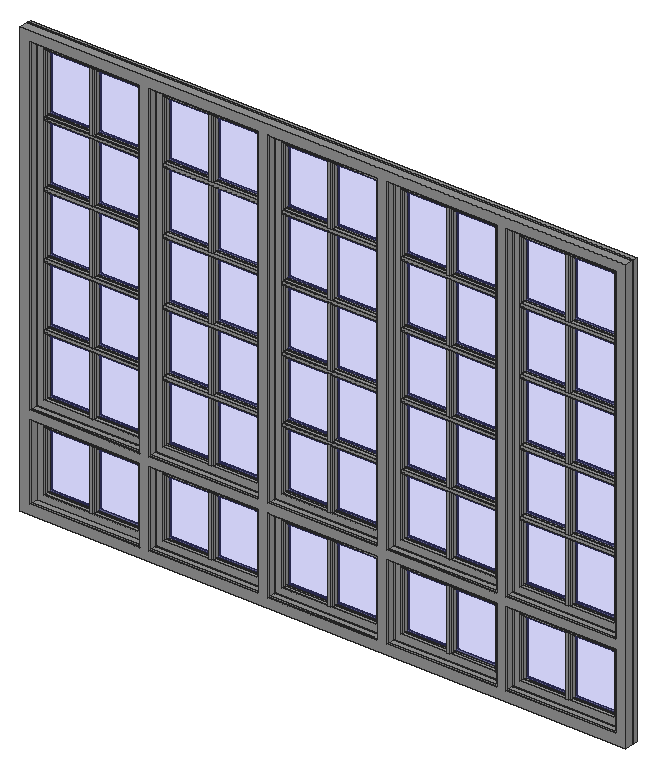
Revit family "MA5SPS", category Windows, host Wall, Revit 2015
Parameters (values of type "MA5SPS")
  Sash Width = 542 mm
  Sash Height = 1461 mm
  Height = 1814 mm
  Default Lintel Height = 2100 mm
  Wall Closure = By host
  Width = 2534 mm
Reference planes
  plane 1 "Center (Front/Back)": y = 0
  plane 2 "Center (Left/Right)": x = 0
  plane 3 "Left": x = -1267
  plane 4 "Right": x = 1267
  plane 5 "Sill": z = 286
  plane 6 "Head": z = 2100
  plane 7 "Exterior": y = 100
  plane 8 "Interior": y = -100
  plane 9: y = -28.5
  plane 10: y = 23.5
  plane 11: z = 639
  plane 12: x = 725
  plane 13: x = -725
Forms (mm)
  Sweep 1, solid, material "Lauan, Meranti"
    path origin (-10500, 23.5, 2100) x (0, 0, -1) y (-1, 0, 0)
      loop
        line (0, -11767) -> (1814, -11767) -> (1814, -9233) -> (0, -9233) -> (0, -11767)
    profile origin (0, 23.5, 2100) x (0, 0, 1) y (0, 1, 0)
      loop
        line (0, 5) -> (-29, 5) -> (-29, -20) -> (-37.5, -20) -> (-37.5, -26) -> (-40.5, -26) -> (-40.5, -20) -> (-44, -20) -> (-44, -46) -> (-39, -46) -> (-39, -52) -> (0, -52) -> (0, -18) -> (-10, -18) -> (-10, -10) -> (0, -10) -> (0, 5)
  Extrusion 2, solid, material "Lauan, Meranti"
    sketch origin (180.441, 0, 0) x (0, -1, 0) y (0, 0, 1)
      loop
        line (28.5, 644) -> (28.5, 678) -> (22.5, 678) -> (22.5, 683) -> (-3.5, 683) -> (-3.5, 679.5) -> (2.5, 679.5) -> (2.5, 676.5) -> (-3.5, 676.5) -> (-3.5, 668) -> (-28.5, 668) -> (-28.5, 654) -> (-3.5, 654) -> (-3.5, 645.5) -> (2.5, 645.5) -> (2.5, 642.5) -> (-3.5, 642.5) -> (-3.5, 639) -> (22.5, 639) -> (22.5, 644) -> (28.5, 644)
    from -1057.559 to 1418.441
  Extrusion 3, solid, material "Lauan, Meranti"
    sketch origin (-498, 0, 571.559) x (1, 0, 0) y (0, 1, 0)
      loop
        line (-232, -28.5) -> (-232, -22.5) -> (-227, -22.5) -> (-227, 3.5) -> (-230.5, 3.5) -> (-230.5, -2.5) -> (-233.5, -2.5) -> (-233.5, 3.5) -> (-242, 3.5) -> (-242, 28.5) -> (-256, 28.5) -> (-256, 3.5) -> (-264.5, 3.5) -> (-264.5, -2.5) -> (-267.5, -2.5) -> (-267.5, 3.5) -> (-271, 3.5) -> (-271, -22.5) -> (-266, -22.5) -> (-266, -28.5) -> (-232, -28.5)
    from 96.441 to 1499.441
  Extrusion 4, solid, material "Lauan, Meranti"
    sketch origin (0, 0, 26.559) x (1, 0, 0) y (0, 1, 0)
      loop
        line (764, -28.5) -> (764, -22.5) -> (769, -22.5) -> (769, 3.5) -> (765.5, 3.5) -> (765.5, -2.5) -> (762.5, -2.5) -> (762.5, 3.5) -> (754, 3.5) -> (754, 28.5) -> (740, 28.5) -> (740, 3.5) -> (731.5, 3.5) -> (731.5, -2.5) -> (728.5, -2.5) -> (728.5, 3.5) -> (725, 3.5) -> (725, -22.5) -> (730, -22.5) -> (730, -28.5) -> (764, -28.5)
    from 288.441 to 627.441
  Extrusion 5, solid, material "Lauan, Meranti"
    sketch origin (0, 0, 571.559) x (1, 0, 0) y (0, 1, 0)
      loop
        line (764, -28.5) -> (764, -22.5) -> (769, -22.5) -> (769, 3.5) -> (765.5, 3.5) -> (765.5, -2.5) -> (762.5, -2.5) -> (762.5, 3.5) -> (754, 3.5) -> (754, 28.5) -> (740, 28.5) -> (740, 3.5) -> (731.5, 3.5) -> (731.5, -2.5) -> (728.5, -2.5) -> (728.5, 3.5) -> (725, 3.5) -> (725, -22.5) -> (730, -22.5) -> (730, -28.5) -> (764, -28.5)
    from 96.441 to 1499.441
  Extrusion 6, solid, material "Lauan, Meranti"
    sketch origin (-498, 0, 26.559) x (1, 0, 0) y (0, 1, 0)
      loop
        line (-232, -28.5) -> (-232, -22.5) -> (-227, -22.5) -> (-227, 3.5) -> (-230.5, 3.5) -> (-230.5, -2.5) -> (-233.5, -2.5) -> (-233.5, 3.5) -> (-242, 3.5) -> (-242, 28.5) -> (-256, 28.5) -> (-256, 3.5) -> (-264.5, 3.5) -> (-264.5, -2.5) -> (-267.5, -2.5) -> (-267.5, 3.5) -> (-271, 3.5) -> (-271, -22.5) -> (-266, -22.5) -> (-266, -28.5) -> (-232, -28.5)
    from 288.441 to 627.441
  Sweep 7, solid, material "Rubber"
    path origin (10002, 23.5, 2100) x (0, 0, -1) y (-1, 0, 0)
      loop
        line (37.5, 11231.5) -> (37.5, 10764.5) -> (1423.5, 10764.5) -> (1423.5, 11231.5) -> (37.5, 11231.5)
    profile origin (-996, 23.5, 2062.5) x (0, 0, -1) y (0, 1, 0)
      loop
        line (6.5, -17) -> (1.5, -15) -> (-3.5, -17) -> (-3.5, -20) -> (0.5, -20) -> (0.5, -22.43) -> (-0.5, -22.43) -> (0.5, -22.698) -> (0.5, -24.464) -> (-0.5, -24.464) -> (1.5, -25) -> (3.5, -24.464) -> (2.5, -24.464) -> (2.5, -22.698) -> (3.5, -22.43) -> (2.5, -22.43) -> (2.5, -20) -> (6.5, -20) -> (6.5, -17)
  Extrusion 8, solid, material "Lauan, Meranti"
    sketch origin (-498, 0, 26.559) x (1, 0, 0) y (0, 1, 0)
      loop
        line (764, -28.5) -> (764, -22.5) -> (769, -22.5) -> (769, 3.5) -> (765.5, 3.5) -> (765.5, -2.5) -> (762.5, -2.5) -> (762.5, 3.5) -> (754, 3.5) -> (754, 28.5) -> (740, 28.5) -> (740, 3.5) -> (731.5, 3.5) -> (731.5, -2.5) -> (728.5, -2.5) -> (728.5, 3.5) -> (725, 3.5) -> (725, -22.5) -> (730, -22.5) -> (730, -28.5) -> (764, -28.5)
    from 288.441 to 627.441
  Extrusion 9, solid, material "Lauan, Meranti"
    sketch origin (-498, 0, 571.559) x (1, 0, 0) y (0, 1, 0)
      loop
        line (764, -28.5) -> (764, -22.5) -> (769, -22.5) -> (769, 3.5) -> (765.5, 3.5) -> (765.5, -2.5) -> (762.5, -2.5) -> (762.5, 3.5) -> (754, 3.5) -> (754, 28.5) -> (740, 28.5) -> (740, 3.5) -> (731.5, 3.5) -> (731.5, -2.5) -> (728.5, -2.5) -> (728.5, 3.5) -> (725, 3.5) -> (725, -22.5) -> (730, -22.5) -> (730, -28.5) -> (764, -28.5)
    from 96.441 to 1499.441
  Extrusion 10, solid, material "Lauan, Meranti"
    sketch origin (-996, 0, 26.559) x (1, 0, 0) y (0, 1, 0)
      loop
        line (764, -28.5) -> (764, -22.5) -> (769, -22.5) -> (769, 3.5) -> (765.5, 3.5) -> (765.5, -2.5) -> (762.5, -2.5) -> (762.5, 3.5) -> (754, 3.5) -> (754, 28.5) -> (740, 28.5) -> (740, 3.5) -> (731.5, 3.5) -> (731.5, -2.5) -> (728.5, -2.5) -> (728.5, 3.5) -> (725, 3.5) -> (725, -22.5) -> (730, -22.5) -> (730, -28.5) -> (764, -28.5)
    from 288.441 to 627.441
  Extrusion 11, solid, material "Lauan, Meranti"
    sketch origin (-996, 0, 571.559) x (1, 0, 0) y (0, 1, 0)
      loop
        line (764, -28.5) -> (764, -22.5) -> (769, -22.5) -> (769, 3.5) -> (765.5, 3.5) -> (765.5, -2.5) -> (762.5, -2.5) -> (762.5, 3.5) -> (754, 3.5) -> (754, 28.5) -> (740, 28.5) -> (740, 3.5) -> (731.5, 3.5) -> (731.5, -2.5) -> (728.5, -2.5) -> (728.5, 3.5) -> (725, 3.5) -> (725, -22.5) -> (730, -22.5) -> (730, -28.5) -> (764, -28.5)
    from 96.441 to 1499.441
  Sweep 12, solid, material "Rubber"
    path origin (-10500, 23.5, 2100) x (0, 0, -1) y (-1, 0, 0)
      loop
        line (29, -11240) -> (1432, -11240) -> (1432, -10756) -> (29, -10756) -> (29, -11240)
    profile origin (498, 23.5, 2071) x (0, 0, 1) y (0, 1, 0)
      loop
        line (-5, -17) -> (-10, -15) -> (-15, -17) -> (-15, -20) -> (-11, -20) -> (-11, -22.43) -> (-12, -22.43) -> (-11, -22.698) -> (-11, -24.464) -> (-12, -24.464) -> (-10, -25) -> (-8, -24.464) -> (-9, -24.464) -> (-9, -22.698) -> (-8, -22.43) -> (-9, -22.43) -> (-9, -20) -> (-5, -20) -> (-5, -17)
  Sweep 13, solid, material "Rubber"
    path origin (-10998, 23.5, 2100) x (0, 0, -1) y (-1, 0, 0)
      loop
        line (29, -11240) -> (1432, -11240) -> (1432, -10756) -> (29, -10756) -> (29, -11240)
    profile origin (0, 23.5, 2071) x (0, 0, 1) y (0, 1, 0)
      loop
        line (-5, -17) -> (-10, -15) -> (-15, -17) -> (-15, -20) -> (-11, -20) -> (-11, -22.43) -> (-12, -22.43) -> (-11, -22.698) -> (-11, -24.464) -> (-12, -24.464) -> (-10, -25) -> (-8, -24.464) -> (-9, -24.464) -> (-9, -22.698) -> (-8, -22.43) -> (-9, -22.43) -> (-9, -20) -> (-5, -20) -> (-5, -17)
  Sweep 14, solid, material "Rubber"
    path origin (-11496, 23.5, 2100) x (0, 0, -1) y (-1, 0, 0)
      loop
        line (29, -11240) -> (1432, -11240) -> (1432, -10756) -> (29, -10756) -> (29, -11240)
    profile origin (-498, 23.5, 2071) x (0, 0, 1) y (0, 1, 0)
      loop
        line (-5, -17) -> (-10, -15) -> (-15, -17) -> (-15, -20) -> (-11, -20) -> (-11, -22.43) -> (-12, -22.43) -> (-11, -22.698) -> (-11, -24.464) -> (-12, -24.464) -> (-10, -25) -> (-8, -24.464) -> (-9, -24.464) -> (-9, -22.698) -> (-8, -22.43) -> (-9, -22.43) -> (-9, -20) -> (-5, -20) -> (-5, -17)
  Sweep 15, solid, material "Rubber"
    path origin (-10998, 23.5, 2100) x (0, 0, -1) y (-1, 0, 0)
      loop
        line (1446, -11738) -> (1785, -11738) -> (1785, -11254) -> (1446, -11254) -> (1446, -11738)
    profile origin (498, 23.5, 654) x (0, 0, 1) y (0, 1, 0)
      loop
        line (-5, -17) -> (-10, -15) -> (-15, -17) -> (-15, -20) -> (-11, -20) -> (-11, -22.43) -> (-12, -22.43) -> (-11, -22.698) -> (-11, -24.464) -> (-12, -24.464) -> (-10, -25) -> (-8, -24.464) -> (-9, -24.464) -> (-9, -22.698) -> (-8, -22.43) -> (-9, -22.43) -> (-9, -20) -> (-5, -20) -> (-5, -17)
  Sweep 16, solid, material "Rubber"
    path origin (-11496, 23.5, 2100) x (0, 0, -1) y (-1, 0, 0)
      loop
        line (1446, -11738) -> (1785, -11738) -> (1785, -11254) -> (1446, -11254) -> (1446, -11738)
    profile origin (0, 23.5, 654) x (0, 0, 1) y (0, 1, 0)
      loop
        line (-5, -17) -> (-10, -15) -> (-15, -17) -> (-15, -20) -> (-11, -20) -> (-11, -22.43) -> (-12, -22.43) -> (-11, -22.698) -> (-11, -24.464) -> (-12, -24.464) -> (-10, -25) -> (-8, -24.464) -> (-9, -24.464) -> (-9, -22.698) -> (-8, -22.43) -> (-9, -22.43) -> (-9, -20) -> (-5, -20) -> (-5, -17)
  Sweep 17, solid, material "Rubber"
    path origin (-11994, 23.5, 2100) x (0, 0, -1) y (-1, 0, 0)
      loop
        line (1446, -11738) -> (1785, -11738) -> (1785, -11254) -> (1446, -11254) -> (1446, -11738)
    profile origin (-498, 23.5, 654) x (0, 0, 1) y (0, 1, 0)
      loop
        line (-5, -17) -> (-10, -15) -> (-15, -17) -> (-15, -20) -> (-11, -20) -> (-11, -22.43) -> (-12, -22.43) -> (-11, -22.698) -> (-11, -24.464) -> (-12, -24.464) -> (-10, -25) -> (-8, -24.464) -> (-9, -24.464) -> (-9, -22.698) -> (-8, -22.43) -> (-9, -22.43) -> (-9, -20) -> (-5, -20) -> (-5, -17)
  Sweep 18, solid, material "Rubber"
    path origin (-10500, 23.5, 2100) x (0, 0, -1) y (-1, 0, 0)
      loop
        line (1446, -11738) -> (1785, -11738) -> (1785, -11254) -> (1446, -11254) -> (1446, -11738)
    profile origin (996, 23.5, 654) x (0, 0, 1) y (0, 1, 0)
      loop
        line (-5, -17) -> (-10, -15) -> (-15, -17) -> (-15, -20) -> (-11, -20) -> (-11, -22.43) -> (-12, -22.43) -> (-11, -22.698) -> (-11, -24.464) -> (-12, -24.464) -> (-10, -25) -> (-8, -24.464) -> (-9, -24.464) -> (-9, -22.698) -> (-8, -22.43) -> (-9, -22.43) -> (-9, -20) -> (-5, -20) -> (-5, -17)
  Sweep 19, solid, material "Rubber"
    path origin (-10002, 23.5, 2100) x (0, 0, -1) y (-1, 0, 0)
      loop
        line (29, -11240) -> (1432, -11240) -> (1432, -10756) -> (29, -10756) -> (29, -11240)
    profile origin (996, 23.5, 2071) x (0, 0, 1) y (0, 1, 0)
      loop
        line (-5, -17) -> (-10, -15) -> (-15, -17) -> (-15, -20) -> (-11, -20) -> (-11, -22.43) -> (-12, -22.43) -> (-11, -22.698) -> (-11, -24.464) -> (-12, -24.464) -> (-10, -25) -> (-8, -24.464) -> (-9, -24.464) -> (-9, -22.698) -> (-8, -22.43) -> (-9, -22.43) -> (-9, -20) -> (-5, -20) -> (-5, -17)
  Sweep 20, solid, material "Lauan, Meranti"
    path origin (11496, 23.5, 2100) x (0, 0, -1) y (-1, 0, 0)
      loop
        line (29, 10742) -> (29, 10258) -> (1432, 10258) -> (1432, 10742) -> (29, 10742)
    profile origin (996, 23.5, 2071) x (0, 0, -1) y (0, 1, 0)
      loop
        line (12, -2) -> (14, -2.536) -> (14, -7.464) -> (12, -8) -> (12, -13) -> (10, -13) -> (10, -17) -> (43, -17) -> (43, -14)
        arc (43, -14) -> (47.243, -12.243) -> (49, -8) r 6
        line (49, -8) -> (52, -8) -> (52, 0) -> (43, 0) -> (43, 25) -> (1, 25)
        arc (1, 25) -> (-3.243, 23.243) -> (-5, 19) r 6
        line (-5, 19) -> (-5, 5) -> (12, 5) -> (12, -2)
  Sweep 21, solid, material "Lauan, Meranti"
    path origin (11496, 23.5, 2100) x (0, 0, -1) y (-1, 0, 0)
      loop
        line (1446, 10742) -> (1446, 10258) -> (1785, 10258) -> (1785, 10742) -> (1446, 10742)
    profile origin (996, 23.5, 654) x (0, 0, -1) y (0, 1, 0)
      loop
        line (-5, 5) -> (12, 5) -> (12, -2) -> (14, -2.536) -> (14, -7.464) -> (12, -8) -> (12, -13) -> (10, -13) -> (10, -17) -> (43, -17) -> (43, -14)
        arc (43, -14) -> (47.243, -12.243) -> (49, -8) r 6
        line (49, -8) -> (52, -8) -> (52, 0) -> (43, 0) -> (43, 25) -> (1, 25)
        arc (1, 25) -> (-3.243, 23.243) -> (-5, 19) r 6
        line (-5, 19) -> (-5, 5)
  Extrusion 22, solid, material "Lauan, Meranti"
    sketch origin (725.066, 0, -15.827) x (0, -1, 0) y (0, 0, 1)
      loop
        line (-48.5, 1777.838) -> (-23.5, 1777.838) -> (-23.5, 1768.838) -> (-15.5, 1768.838) -> (-15.5, 1771.838)
        arc (-15.5, 1771.838) -> (-11.257, 1773.596) -> (-9.5, 1777.838) r 6
        line (-9.5, 1777.838) -> (-6.5, 1777.838) -> (-6.5, 1790.838) -> (-9.5, 1790.838)
        arc (-9.5, 1790.838) -> (-11.257, 1795.081) -> (-15.5, 1796.838) r 6
        line (-15.5, 1796.838) -> (-15.5, 1799.838) -> (-23.5, 1799.838) -> (-23.5, 1790.838) -> (-48.5, 1790.838) -> (-48.5, 1777.838)
      loop
        line (-48.5, 1511.838) -> (-23.5, 1511.838) -> (-23.5, 1502.838) -> (-15.5, 1502.838) -> (-15.5, 1505.838)
        arc (-15.5, 1505.838) -> (-11.257, 1507.596) -> (-9.5, 1511.838) r 6
        line (-9.5, 1511.838) -> (-6.5, 1511.838) -> (-6.5, 1524.838) -> (-9.5, 1524.838)
        arc (-9.5, 1524.838) -> (-11.257, 1529.081) -> (-15.5, 1530.838) r 6
        line (-15.5, 1530.838) -> (-15.5, 1533.838) -> (-23.5, 1533.838) -> (-23.5, 1524.838) -> (-48.5, 1524.838) -> (-48.5, 1511.838)
      loop
        line (-48.5, 1245.838) -> (-23.5, 1245.838) -> (-23.5, 1236.838) -> (-15.5, 1236.838) -> (-15.5, 1239.838)
        arc (-15.5, 1239.838) -> (-11.257, 1241.596) -> (-9.5, 1245.838) r 6
        line (-9.5, 1245.838) -> (-6.5, 1245.838) -> (-6.5, 1258.838) -> (-9.5, 1258.838)
        arc (-9.5, 1258.838) -> (-11.257, 1263.081) -> (-15.5, 1264.838) r 6
        line (-15.5, 1264.838) -> (-15.5, 1267.838) -> (-23.5, 1267.838) -> (-23.5, 1258.838) -> (-48.5, 1258.838) -> (-48.5, 1245.838)
      loop
        line (-48.5, 979.838) -> (-23.5, 979.838) -> (-23.5, 970.838) -> (-15.5, 970.838) -> (-15.5, 973.838)
        arc (-15.5, 973.838) -> (-11.257, 975.596) -> (-9.5, 979.838) r 6
        line (-9.5, 979.838) -> (-6.5, 979.838) -> (-6.5, 992.838) -> (-9.5, 992.838)
        arc (-9.5, 992.838) -> (-11.257, 997.081) -> (-15.5, 998.838) r 6
        line (-15.5, 998.838) -> (-15.5, 1001.838) -> (-23.5, 1001.838) -> (-23.5, 992.838) -> (-48.5, 992.838) -> (-48.5, 979.838)
    from -469.934 to -71.934
  Extrusion 23, solid, material "Lauan, Meranti"
    sketch origin (995.689, 25, 184.173) x (1, 0, 0) y (0, 1, 0)
      loop
        line (-6.5, 23.5) -> (-6.5, -1.5) -> (-15.5, -1.5) -> (-15.5, -9.5) -> (-12.5, -9.5)
        arc (-12.5, -9.5) -> (-10.743, -13.743) -> (-6.5, -15.5) r 6
        line (-6.5, -15.5) -> (-6.5, -18.5) -> (6.5, -18.5) -> (6.5, -15.5)
        arc (6.5, -15.5) -> (10.743, -13.743) -> (12.5, -9.5) r 6
        line (12.5, -9.5) -> (15.5, -9.5) -> (15.5, -1.5) -> (6.5, -1.5) -> (6.5, 23.5) -> (-6.5, 23.5)
    from 1590.839 to 1843.827
  Extrusion 24, solid, material "Lauan, Meranti"
    sketch origin (995.689, 25, -81.828) x (1, 0, 0) y (0, 1, 0)
      loop
        line (-6.5, 23.5) -> (-6.5, -1.5) -> (-15.5, -1.5) -> (-15.5, -9.5) -> (-12.5, -9.5)
        arc (-12.5, -9.5) -> (-10.743, -13.743) -> (-6.5, -15.5) r 6
        line (-6.5, -15.5) -> (-6.5, -18.5) -> (6.5, -18.5) -> (6.5, -15.5)
        arc (6.5, -15.5) -> (10.743, -13.743) -> (12.5, -9.5) r 6
        line (12.5, -9.5) -> (15.5, -9.5) -> (15.5, -1.5) -> (6.5, -1.5) -> (6.5, 23.5) -> (-6.5, 23.5)
    from 1590.839 to 1843.839
  Extrusion 25, solid, material "Lauan, Meranti"
    sketch origin (995.689, 25, -347.828) x (1, 0, 0) y (0, 1, 0)
      loop
        line (-6.5, 23.5) -> (-6.5, -1.5) -> (-15.5, -1.5) -> (-15.5, -9.5) -> (-12.5, -9.5)
        arc (-12.5, -9.5) -> (-10.743, -13.743) -> (-6.5, -15.5) r 6
        line (-6.5, -15.5) -> (-6.5, -18.5) -> (6.5, -18.5) -> (6.5, -15.5)
        arc (6.5, -15.5) -> (10.743, -13.743) -> (12.5, -9.5) r 6
        line (12.5, -9.5) -> (15.5, -9.5) -> (15.5, -1.5) -> (6.5, -1.5) -> (6.5, 23.5) -> (-6.5, 23.5)
    from 1590.839 to 1843.839
  Extrusion 26, solid, material "Lauan, Meranti"
    sketch origin (995.689, 25, -613.828) x (1, 0, 0) y (0, 1, 0)
      loop
        line (-6.5, 23.5) -> (-6.5, -1.5) -> (-15.5, -1.5) -> (-15.5, -9.5) -> (-12.5, -9.5)
        arc (-12.5, -9.5) -> (-10.743, -13.743) -> (-6.5, -15.5) r 6
        line (-6.5, -15.5) -> (-6.5, -18.5) -> (6.5, -18.5) -> (6.5, -15.5)
        arc (6.5, -15.5) -> (10.743, -13.743) -> (12.5, -9.5) r 6
        line (12.5, -9.5) -> (15.5, -9.5) -> (15.5, -1.5) -> (6.5, -1.5) -> (6.5, 23.5) -> (-6.5, 23.5)
    from 1590.839 to 1843.839
  Extrusion 27, solid, material "Lauan, Meranti"
    sketch origin (995.689, 25, -879.828) x (1, 0, 0) y (0, 1, 0)
      loop
        line (-6.5, 23.5) -> (-6.5, -1.5) -> (-15.5, -1.5) -> (-15.5, -9.5) -> (-12.5, -9.5)
        arc (-12.5, -9.5) -> (-10.743, -13.743) -> (-6.5, -15.5) r 6
        line (-6.5, -15.5) -> (-6.5, -18.5) -> (6.5, -18.5) -> (6.5, -15.5)
        arc (6.5, -15.5) -> (10.743, -13.743) -> (12.5, -9.5) r 6
        line (12.5, -9.5) -> (15.5, -9.5) -> (15.5, -1.5) -> (6.5, -1.5) -> (6.5, 23.5) -> (-6.5, 23.5)
    from 1590.828 to 1843.839
  Extrusion 28, solid, material "Lauan, Meranti"
    sketch origin (995.689, 25, -1232.828) x (1, 0, 0) y (0, 1, 0)
      loop
        line (-6.5, 23.5) -> (-6.5, -1.5) -> (-15.5, -1.5) -> (-15.5, -9.5) -> (-12.5, -9.5)
        arc (-12.5, -9.5) -> (-10.743, -13.743) -> (-6.5, -15.5) r 6
        line (-6.5, -15.5) -> (-6.5, -18.5) -> (6.5, -18.5) -> (6.5, -15.5)
        arc (6.5, -15.5) -> (10.743, -13.743) -> (12.5, -9.5) r 6
        line (12.5, -9.5) -> (15.5, -9.5) -> (15.5, -1.5) -> (6.5, -1.5) -> (6.5, 23.5) -> (-6.5, 23.5)
    from 1590.828 to 1843.828
  Extrusion 29, solid, material "Glass"
    sketch origin (11496, 23.5, 2100) x (0, 0, -1) y (-1, 0, 0)
      loop
        line (72, 10699) -> (72, 10506.811) -> (324.988, 10506.811) -> (324.988, 10699) -> (72, 10699)
      loop
        line (72, 10493.811) -> (72, 10301) -> (324.988, 10301) -> (324.988, 10493.811) -> (72, 10493.811)
      loop
        line (337.988, 10699) -> (337.988, 10506.811) -> (590.988, 10506.811) -> (590.988, 10699) -> (337.988, 10699)
      loop
        line (337.988, 10493.811) -> (337.988, 10301) -> (590.988, 10301) -> (590.988, 10493.811) -> (337.988, 10493.811)
      loop
        line (603.988, 10699) -> (603.988, 10506.811) -> (856.988, 10506.811) -> (856.988, 10699) -> (603.988, 10699)
      loop
        line (603.988, 10493.811) -> (603.988, 10301) -> (856.988, 10301) -> (856.988, 10493.811) -> (603.988, 10493.811)
      loop
        line (869.988, 10699) -> (869.988, 10506.811) -> (1122.988, 10506.811) -> (1122.988, 10699) -> (869.988, 10699)
      loop
        line (869.988, 10493.811) -> (869.988, 10301) -> (1122.988, 10301) -> (1122.988, 10493.811) -> (869.988, 10493.811)
      loop
        line (1135.988, 10699) -> (1135.988, 10506.811) -> (1389, 10506.811) -> (1389, 10699) -> (1135.988, 10699)
      loop
        line (1135.988, 10493.811) -> (1135.988, 10301) -> (1389, 10301) -> (1389, 10493.811) -> (1135.988, 10493.811)
      loop
        line (1489.013, 10698.988) -> (1489.013, 10506.811) -> (1742, 10506.811) -> (1742, 10698.988) -> (1489.013, 10698.988)
      loop
        line (1489, 10493.811) -> (1489, 10301) -> (1742, 10301) -> (1742, 10493.811) -> (1489, 10493.811)
    from 0 to 6.4
  Sweep 30, solid, material "Lauan, Meranti"
    path origin (11496, 23.5, 2100) x (0, 0, -1) y (-1, 0, 0)
      loop
        line (72, 10699) -> (72, 10506.811) -> (324.988, 10506.811) -> (324.988, 10699) -> (72, 10699)
    profile origin (893.094, 23.5, 2028) x (0, 0, -1) y (0, 1, 0)
      loop
        line (0, 14.4) -> (0, 6.4) -> (9, 6.4) -> (9, 8.4) -> (7, 8.4)
        arc (7, 8.4) -> (4.67, 12.766) -> (0, 14.4) r 6.807
  Sweep 31, solid, material "Lauan, Meranti"
    path origin (11701.189, 23.5, 2100) x (0, 0, -1) y (-1, 0, 0)
      loop
        line (72, 10699) -> (72, 10506.189) -> (324.988, 10506.189) -> (324.988, 10699) -> (72, 10699)
    profile origin (1098.594, 23.5, 2028) x (0, 0, -1) y (0, 1, 0)
      loop
        line (0, 14.4) -> (0, 6.4) -> (9, 6.4) -> (9, 8.4) -> (7, 8.4)
        arc (7, 8.4) -> (4.67, 12.766) -> (0, 14.4) r 6.807
  Sweep 32, solid, material "Lauan, Meranti"
    path origin (11496, 23.5, 1834.012) x (0, 0, -1) y (-1, 0, 0)
      loop
        line (72, 10699) -> (72, 10506.811) -> (325, 10506.811) -> (325, 10699) -> (72, 10699)
    profile origin (893.094, 23.5, 1762.012) x (0, 0, -1) y (0, 1, 0)
      loop
        line (0, 14.4) -> (0, 6.4) -> (9, 6.4) -> (9, 8.4) -> (7, 8.4)
        arc (7, 8.4) -> (4.67, 12.766) -> (0, 14.4) r 6.807
  Sweep 33, solid, material "Lauan, Meranti"
    path origin (11496, 23.5, 1568.012) x (0, 0, -1) y (-1, 0, 0)
      loop
        line (72, 10699) -> (72, 10506.811) -> (325, 10506.811) -> (325, 10699) -> (72, 10699)
    profile origin (893.094, 23.5, 1496.012) x (0, 0, -1) y (0, 1, 0)
      loop
        line (0, 14.4) -> (0, 6.4) -> (9, 6.4) -> (9, 8.4) -> (7, 8.4)
        arc (7, 8.4) -> (4.67, 12.766) -> (0, 14.4) r 6.807
  Sweep 34, solid, material "Lauan, Meranti"
    path origin (11496, 23.5, 1302.012) x (0, 0, -1) y (-1, 0, 0)
      loop
        line (72, 10699) -> (72, 10506.811) -> (325, 10506.811) -> (325, 10699) -> (72, 10699)
    profile origin (893.094, 23.5, 1230.012) x (0, 0, -1) y (0, 1, 0)
      loop
        line (0, 14.4) -> (0, 6.4) -> (9, 6.4) -> (9, 8.4) -> (7, 8.4)
        arc (7, 8.4) -> (4.67, 12.766) -> (0, 14.4) r 6.807
  Sweep 35, solid, material "Lauan, Meranti"
    path origin (11496, 23.5, 1036.012) x (0, 0, -1) y (-1, 0, 0)
      loop
        line (72, 10699) -> (72, 10506.811) -> (325.012, 10506.811) -> (325.012, 10699) -> (72, 10699)
    profile origin (893.094, 23.5, 964.012) x (0, 0, -1) y (0, 1, 0)
      loop
        line (0, 14.4) -> (0, 6.4) -> (9, 6.4) -> (9, 8.4) -> (7, 8.4)
        arc (7, 8.4) -> (4.67, 12.766) -> (0, 14.4) r 6.807
  Sweep 36, solid, material "Lauan, Meranti"
    path origin (11496, 23.5, 683) x (0, 0, -1) y (-1, 0, 0)
      loop
        line (72, 10699) -> (72, 10506.811) -> (325, 10506.811) -> (325, 10699) -> (72, 10699)
    profile origin (893.094, 23.5, 611) x (0, 0, -1) y (0, 1, 0)
      loop
        line (0, 14.4) -> (0, 6.4) -> (9, 6.4) -> (9, 8.4) -> (7, 8.4)
        arc (7, 8.4) -> (4.67, 12.766) -> (0, 14.4) r 6.807
  Sweep 37, solid, material "Lauan, Meranti"
    path origin (11701.189, 23.5, 1834.012) x (0, 0, -1) y (-1, 0, 0)
      loop
        line (72, 10699) -> (72, 10506.189) -> (325, 10506.189) -> (325, 10699) -> (72, 10699)
    profile origin (1098.594, 23.5, 1762.012) x (0, 0, -1) y (0, 1, 0)
      loop
        line (0, 14.4) -> (0, 6.4) -> (9, 6.4) -> (9, 8.4) -> (7, 8.4)
        arc (7, 8.4) -> (4.67, 12.766) -> (0, 14.4) r 6.807
  Sweep 38, solid, material "Lauan, Meranti"
    path origin (11701.189, 23.5, 1568.012) x (0, 0, -1) y (-1, 0, 0)
      loop
        line (72, 10699) -> (72, 10506.189) -> (325, 10506.189) -> (325, 10699) -> (72, 10699)
    profile origin (1098.594, 23.5, 1496.012) x (0, 0, -1) y (0, 1, 0)
      loop
        line (0, 14.4) -> (0, 6.4) -> (9, 6.4) -> (9, 8.4) -> (7, 8.4)
        arc (7, 8.4) -> (4.67, 12.766) -> (0, 14.4) r 6.807
  Sweep 39, solid, material "Lauan, Meranti"
    path origin (11701.189, 23.5, 1302.012) x (0, 0, -1) y (-1, 0, 0)
      loop
        line (72, 10699) -> (72, 10506.189) -> (325, 10506.189) -> (325, 10699) -> (72, 10699)
    profile origin (1098.594, 23.5, 1230.012) x (0, 0, -1) y (0, 1, 0)
      loop
        line (0, 14.4) -> (0, 6.4) -> (9, 6.4) -> (9, 8.4) -> (7, 8.4)
        arc (7, 8.4) -> (4.67, 12.766) -> (0, 14.4) r 6.807
  Sweep 40, solid, material "Lauan, Meranti"
    path origin (11701.189, 23.5, 1036.012) x (0, 0, -1) y (-1, 0, 0)
      loop
        line (72, 10699) -> (72, 10506.189) -> (325.012, 10506.189) -> (325.012, 10699) -> (72, 10699)
    profile origin (1098.594, 23.5, 964.012) x (0, 0, -1) y (0, 1, 0)
      loop
        line (0, 14.4) -> (0, 6.4) -> (9, 6.4) -> (9, 8.4) -> (7, 8.4)
        arc (7, 8.4) -> (4.67, 12.766) -> (0, 14.4) r 6.807
  Sweep 41, solid, material "Lauan, Meranti"
    path origin (11701.189, 23.5, 683) x (0, 0, -1) y (-1, 0, 0)
      loop
        line (72, 10699) -> (72, 10506.189) -> (325, 10506.189) -> (325, 10699) -> (72, 10699)
    profile origin (1098.594, 23.5, 611) x (0, 0, -1) y (0, 1, 0)
      loop
        line (0, 14.4) -> (0, 6.4) -> (9, 6.4) -> (9, 8.4) -> (7, 8.4)
        arc (7, 8.4) -> (4.67, 12.766) -> (0, 14.4) r 6.807
  Sweep 42, solid, material "Lauan, Meranti"
    path origin (10998, 23.5, 2100) x (0, 0, -1) y (-1, 0, 0)
      loop
        line (29, 10742) -> (29, 10258) -> (1432, 10258) -> (1432, 10742) -> (29, 10742)
    profile origin (498, 23.5, 2071) x (0, 0, -1) y (0, 1, 0)
      loop
        line (12, -2) -> (14, -2.536) -> (14, -7.464) -> (12, -8) -> (12, -13) -> (10, -13) -> (10, -17) -> (43, -17) -> (43, -14)
        arc (43, -14) -> (47.243, -12.243) -> (49, -8) r 6
        line (49, -8) -> (52, -8) -> (52, 0) -> (43, 0) -> (43, 25) -> (1, 25)
        arc (1, 25) -> (-3.243, 23.243) -> (-5, 19) r 6
        line (-5, 19) -> (-5, 5) -> (12, 5) -> (12, -2)
  Sweep 43, solid, material "Lauan, Meranti"
    path origin (10998, 23.5, 2100) x (0, 0, -1) y (-1, 0, 0)
      loop
        line (1446, 10742) -> (1446, 10258) -> (1785, 10258) -> (1785, 10742) -> (1446, 10742)
    profile origin (498, 23.5, 654) x (0, 0, -1) y (0, 1, 0)
      loop
        line (-5, 5) -> (12, 5) -> (12, -2) -> (14, -2.536) -> (14, -7.464) -> (12, -8) -> (12, -13) -> (10, -13) -> (10, -17) -> (43, -17) -> (43, -14)
        arc (43, -14) -> (47.243, -12.243) -> (49, -8) r 6
        line (49, -8) -> (52, -8) -> (52, 0) -> (43, 0) -> (43, 25) -> (1, 25)
        arc (1, 25) -> (-3.243, 23.243) -> (-5, 19) r 6
        line (-5, 19) -> (-5, 5)
  Extrusion 44, solid, material "Lauan, Meranti"
    sketch origin (227.066, 0, -15.827) x (0, -1, 0) y (0, 0, 1)
      loop
        line (-48.5, 1777.838) -> (-23.5, 1777.838) -> (-23.5, 1768.838) -> (-15.5, 1768.838) -> (-15.5, 1771.838)
        arc (-15.5, 1771.838) -> (-11.257, 1773.596) -> (-9.5, 1777.838) r 6
        line (-9.5, 1777.838) -> (-6.5, 1777.838) -> (-6.5, 1790.838) -> (-9.5, 1790.838)
        arc (-9.5, 1790.838) -> (-11.257, 1795.081) -> (-15.5, 1796.838) r 6
        line (-15.5, 1796.838) -> (-15.5, 1799.838) -> (-23.5, 1799.838) -> (-23.5, 1790.838) -> (-48.5, 1790.838) -> (-48.5, 1777.838)
      loop
        line (-48.5, 1511.838) -> (-23.5, 1511.838) -> (-23.5, 1502.838) -> (-15.5, 1502.838) -> (-15.5, 1505.838)
        arc (-15.5, 1505.838) -> (-11.257, 1507.596) -> (-9.5, 1511.838) r 6
        line (-9.5, 1511.838) -> (-6.5, 1511.838) -> (-6.5, 1524.838) -> (-9.5, 1524.838)
        arc (-9.5, 1524.838) -> (-11.257, 1529.081) -> (-15.5, 1530.838) r 6
        line (-15.5, 1530.838) -> (-15.5, 1533.838) -> (-23.5, 1533.838) -> (-23.5, 1524.838) -> (-48.5, 1524.838) -> (-48.5, 1511.838)
      loop
        line (-48.5, 1245.838) -> (-23.5, 1245.838) -> (-23.5, 1236.838) -> (-15.5, 1236.838) -> (-15.5, 1239.838)
        arc (-15.5, 1239.838) -> (-11.257, 1241.596) -> (-9.5, 1245.838) r 6
        line (-9.5, 1245.838) -> (-6.5, 1245.838) -> (-6.5, 1258.838) -> (-9.5, 1258.838)
        arc (-9.5, 1258.838) -> (-11.257, 1263.081) -> (-15.5, 1264.838) r 6
        line (-15.5, 1264.838) -> (-15.5, 1267.838) -> (-23.5, 1267.838) -> (-23.5, 1258.838) -> (-48.5, 1258.838) -> (-48.5, 1245.838)
      loop
        line (-48.5, 979.838) -> (-23.5, 979.838) -> (-23.5, 970.838) -> (-15.5, 970.838) -> (-15.5, 973.838)
        arc (-15.5, 973.838) -> (-11.257, 975.596) -> (-9.5, 979.838) r 6
        line (-9.5, 979.838) -> (-6.5, 979.838) -> (-6.5, 992.838) -> (-9.5, 992.838)
        arc (-9.5, 992.838) -> (-11.257, 997.081) -> (-15.5, 998.838) r 6
        line (-15.5, 998.838) -> (-15.5, 1001.838) -> (-23.5, 1001.838) -> (-23.5, 992.838) -> (-48.5, 992.838) -> (-48.5, 979.838)
    from -469.934 to -71.934
  Extrusion 45, solid, material "Lauan, Meranti"
    sketch origin (497.689, 25, 184.173) x (1, 0, 0) y (0, 1, 0)
      loop
        line (-6.5, 23.5) -> (-6.5, -1.5) -> (-15.5, -1.5) -> (-15.5, -9.5) -> (-12.5, -9.5)
        arc (-12.5, -9.5) -> (-10.743, -13.743) -> (-6.5, -15.5) r 6
        line (-6.5, -15.5) -> (-6.5, -18.5) -> (6.5, -18.5) -> (6.5, -15.5)
        arc (6.5, -15.5) -> (10.743, -13.743) -> (12.5, -9.5) r 6
        line (12.5, -9.5) -> (15.5, -9.5) -> (15.5, -1.5) -> (6.5, -1.5) -> (6.5, 23.5) -> (-6.5, 23.5)
    from 1590.839 to 1843.827
  Extrusion 46, solid, material "Lauan, Meranti"
    sketch origin (497.689, 25, -81.828) x (1, 0, 0) y (0, 1, 0)
      loop
        line (-6.5, 23.5) -> (-6.5, -1.5) -> (-15.5, -1.5) -> (-15.5, -9.5) -> (-12.5, -9.5)
        arc (-12.5, -9.5) -> (-10.743, -13.743) -> (-6.5, -15.5) r 6
        line (-6.5, -15.5) -> (-6.5, -18.5) -> (6.5, -18.5) -> (6.5, -15.5)
        arc (6.5, -15.5) -> (10.743, -13.743) -> (12.5, -9.5) r 6
        line (12.5, -9.5) -> (15.5, -9.5) -> (15.5, -1.5) -> (6.5, -1.5) -> (6.5, 23.5) -> (-6.5, 23.5)
    from 1590.839 to 1843.839
  Extrusion 47, solid, material "Lauan, Meranti"
    sketch origin (497.689, 25, -347.828) x (1, 0, 0) y (0, 1, 0)
      loop
        line (-6.5, 23.5) -> (-6.5, -1.5) -> (-15.5, -1.5) -> (-15.5, -9.5) -> (-12.5, -9.5)
        arc (-12.5, -9.5) -> (-10.743, -13.743) -> (-6.5, -15.5) r 6
        line (-6.5, -15.5) -> (-6.5, -18.5) -> (6.5, -18.5) -> (6.5, -15.5)
        arc (6.5, -15.5) -> (10.743, -13.743) -> (12.5, -9.5) r 6
        line (12.5, -9.5) -> (15.5, -9.5) -> (15.5, -1.5) -> (6.5, -1.5) -> (6.5, 23.5) -> (-6.5, 23.5)
    from 1590.839 to 1843.839
  Extrusion 48, solid, material "Lauan, Meranti"
    sketch origin (497.689, 25, -613.828) x (1, 0, 0) y (0, 1, 0)
      loop
        line (-6.5, 23.5) -> (-6.5, -1.5) -> (-15.5, -1.5) -> (-15.5, -9.5) -> (-12.5, -9.5)
        arc (-12.5, -9.5) -> (-10.743, -13.743) -> (-6.5, -15.5) r 6
        line (-6.5, -15.5) -> (-6.5, -18.5) -> (6.5, -18.5) -> (6.5, -15.5)
        arc (6.5, -15.5) -> (10.743, -13.743) -> (12.5, -9.5) r 6
        line (12.5, -9.5) -> (15.5, -9.5) -> (15.5, -1.5) -> (6.5, -1.5) -> (6.5, 23.5) -> (-6.5, 23.5)
    from 1590.839 to 1843.839
  Extrusion 49, solid, material "Lauan, Meranti"
    sketch origin (497.689, 25, -879.828) x (1, 0, 0) y (0, 1, 0)
      loop
        line (-6.5, 23.5) -> (-6.5, -1.5) -> (-15.5, -1.5) -> (-15.5, -9.5) -> (-12.5, -9.5)
        arc (-12.5, -9.5) -> (-10.743, -13.743) -> (-6.5, -15.5) r 6
        line (-6.5, -15.5) -> (-6.5, -18.5) -> (6.5, -18.5) -> (6.5, -15.5)
        arc (6.5, -15.5) -> (10.743, -13.743) -> (12.5, -9.5) r 6
        line (12.5, -9.5) -> (15.5, -9.5) -> (15.5, -1.5) -> (6.5, -1.5) -> (6.5, 23.5) -> (-6.5, 23.5)
    from 1590.828 to 1843.839
  Extrusion 50, solid, material "Lauan, Meranti"
    sketch origin (497.689, 25, -1232.828) x (1, 0, 0) y (0, 1, 0)
      loop
        line (-6.5, 23.5) -> (-6.5, -1.5) -> (-15.5, -1.5) -> (-15.5, -9.5) -> (-12.5, -9.5)
        arc (-12.5, -9.5) -> (-10.743, -13.743) -> (-6.5, -15.5) r 6
        line (-6.5, -15.5) -> (-6.5, -18.5) -> (6.5, -18.5) -> (6.5, -15.5)
        arc (6.5, -15.5) -> (10.743, -13.743) -> (12.5, -9.5) r 6
        line (12.5, -9.5) -> (15.5, -9.5) -> (15.5, -1.5) -> (6.5, -1.5) -> (6.5, 23.5) -> (-6.5, 23.5)
    from 1590.828 to 1843.828
  Extrusion 51, solid, material "Glass"
    sketch origin (10998, 23.5, 2100) x (0, 0, -1) y (-1, 0, 0)
      loop
        line (72, 10699) -> (72, 10506.811) -> (324.988, 10506.811) -> (324.988, 10699) -> (72, 10699)
      loop
        line (72, 10493.811) -> (72, 10301) -> (324.988, 10301) -> (324.988, 10493.811) -> (72, 10493.811)
      loop
        line (337.988, 10699) -> (337.988, 10506.811) -> (590.988, 10506.811) -> (590.988, 10699) -> (337.988, 10699)
      loop
        line (337.988, 10493.811) -> (337.988, 10301) -> (590.988, 10301) -> (590.988, 10493.811) -> (337.988, 10493.811)
      loop
        line (603.988, 10699) -> (603.988, 10506.811) -> (856.988, 10506.811) -> (856.988, 10699) -> (603.988, 10699)
      loop
        line (603.988, 10493.811) -> (603.988, 10301) -> (856.988, 10301) -> (856.988, 10493.811) -> (603.988, 10493.811)
      loop
        line (869.988, 10699) -> (869.988, 10506.811) -> (1122.988, 10506.811) -> (1122.988, 10699) -> (869.988, 10699)
      loop
        line (869.988, 10493.811) -> (869.988, 10301) -> (1122.988, 10301) -> (1122.988, 10493.811) -> (869.988, 10493.811)
      loop
        line (1135.988, 10699) -> (1135.988, 10506.811) -> (1389, 10506.811) -> (1389, 10699) -> (1135.988, 10699)
      loop
        line (1135.988, 10493.811) -> (1135.988, 10301) -> (1389, 10301) -> (1389, 10493.811) -> (1135.988, 10493.811)
      loop
        line (1489.013, 10698.988) -> (1489.013, 10506.811) -> (1742, 10506.811) -> (1742, 10698.988) -> (1489.013, 10698.988)
      loop
        line (1489, 10493.811) -> (1489, 10301) -> (1742, 10301) -> (1742, 10493.811) -> (1489, 10493.811)
    from 0 to 6.4
  Sweep 52, solid, material "Lauan, Meranti"
    path origin (10998, 23.5, 2100) x (0, 0, -1) y (-1, 0, 0)
      loop
        line (72, 10699) -> (72, 10506.811) -> (324.988, 10506.811) -> (324.988, 10699) -> (72, 10699)
    profile origin (395.094, 23.5, 2028) x (0, 0, -1) y (0, 1, 0)
      loop
        line (0, 14.4) -> (0, 6.4) -> (9, 6.4) -> (9, 8.4) -> (7, 8.4)
        arc (7, 8.4) -> (4.67, 12.766) -> (0, 14.4) r 6.807
  Sweep 53, solid, material "Lauan, Meranti"
    path origin (11203.189, 23.5, 2100) x (0, 0, -1) y (-1, 0, 0)
      loop
        line (72, 10699) -> (72, 10506.189) -> (324.988, 10506.189) -> (324.988, 10699) -> (72, 10699)
    profile origin (600.594, 23.5, 2028) x (0, 0, -1) y (0, 1, 0)
      loop
        line (0, 14.4) -> (0, 6.4) -> (9, 6.4) -> (9, 8.4) -> (7, 8.4)
        arc (7, 8.4) -> (4.67, 12.766) -> (0, 14.4) r 6.807
  Sweep 54, solid, material "Lauan, Meranti"
    path origin (10998, 23.5, 1834.012) x (0, 0, -1) y (-1, 0, 0)
      loop
        line (72, 10699) -> (72, 10506.811) -> (325, 10506.811) -> (325, 10699) -> (72, 10699)
    profile origin (395.094, 23.5, 1762.012) x (0, 0, -1) y (0, 1, 0)
      loop
        line (0, 14.4) -> (0, 6.4) -> (9, 6.4) -> (9, 8.4) -> (7, 8.4)
        arc (7, 8.4) -> (4.67, 12.766) -> (0, 14.4) r 6.807
  Sweep 55, solid, material "Lauan, Meranti"
    path origin (10998, 23.5, 1568.012) x (0, 0, -1) y (-1, 0, 0)
      loop
        line (72, 10699) -> (72, 10506.811) -> (325, 10506.811) -> (325, 10699) -> (72, 10699)
    profile origin (395.094, 23.5, 1496.012) x (0, 0, -1) y (0, 1, 0)
      loop
        line (0, 14.4) -> (0, 6.4) -> (9, 6.4) -> (9, 8.4) -> (7, 8.4)
        arc (7, 8.4) -> (4.67, 12.766) -> (0, 14.4) r 6.807
  Sweep 56, solid, material "Lauan, Meranti"
    path origin (10998, 23.5, 1302.012) x (0, 0, -1) y (-1, 0, 0)
      loop
        line (72, 10699) -> (72, 10506.811) -> (325, 10506.811) -> (325, 10699) -> (72, 10699)
    profile origin (395.094, 23.5, 1230.012) x (0, 0, -1) y (0, 1, 0)
      loop
        line (0, 14.4) -> (0, 6.4) -> (9, 6.4) -> (9, 8.4) -> (7, 8.4)
        arc (7, 8.4) -> (4.67, 12.766) -> (0, 14.4) r 6.807
  Sweep 57, solid, material "Lauan, Meranti"
    path origin (10998, 23.5, 1036.012) x (0, 0, -1) y (-1, 0, 0)
      loop
        line (72, 10699) -> (72, 10506.811) -> (325.012, 10506.811) -> (325.012, 10699) -> (72, 10699)
    profile origin (395.094, 23.5, 964.012) x (0, 0, -1) y (0, 1, 0)
      loop
        line (0, 14.4) -> (0, 6.4) -> (9, 6.4) -> (9, 8.4) -> (7, 8.4)
        arc (7, 8.4) -> (4.67, 12.766) -> (0, 14.4) r 6.807
  Sweep 58, solid, material "Lauan, Meranti"
    path origin (10998, 23.5, 683) x (0, 0, -1) y (-1, 0, 0)
      loop
        line (72, 10699) -> (72, 10506.811) -> (325, 10506.811) -> (325, 10699) -> (72, 10699)
    profile origin (395.094, 23.5, 611) x (0, 0, -1) y (0, 1, 0)
      loop
        line (0, 14.4) -> (0, 6.4) -> (9, 6.4) -> (9, 8.4) -> (7, 8.4)
        arc (7, 8.4) -> (4.67, 12.766) -> (0, 14.4) r 6.807
  Sweep 59, solid, material "Lauan, Meranti"
    path origin (11203.189, 23.5, 1834.012) x (0, 0, -1) y (-1, 0, 0)
      loop
        line (72, 10699) -> (72, 10506.189) -> (325, 10506.189) -> (325, 10699) -> (72, 10699)
    profile origin (600.594, 23.5, 1762.012) x (0, 0, -1) y (0, 1, 0)
      loop
        line (0, 14.4) -> (0, 6.4) -> (9, 6.4) -> (9, 8.4) -> (7, 8.4)
        arc (7, 8.4) -> (4.67, 12.766) -> (0, 14.4) r 6.807
  Sweep 60, solid, material "Lauan, Meranti"
    path origin (11203.189, 23.5, 1568.012) x (0, 0, -1) y (-1, 0, 0)
      loop
        line (72, 10699) -> (72, 10506.189) -> (325, 10506.189) -> (325, 10699) -> (72, 10699)
    profile origin (600.594, 23.5, 1496.012) x (0, 0, -1) y (0, 1, 0)
      loop
        line (0, 14.4) -> (0, 6.4) -> (9, 6.4) -> (9, 8.4) -> (7, 8.4)
        arc (7, 8.4) -> (4.67, 12.766) -> (0, 14.4) r 6.807
  Sweep 61, solid, material "Lauan, Meranti"
    path origin (11203.189, 23.5, 1302.012) x (0, 0, -1) y (-1, 0, 0)
      loop
        line (72, 10699) -> (72, 10506.189) -> (325, 10506.189) -> (325, 10699) -> (72, 10699)
    profile origin (600.594, 23.5, 1230.012) x (0, 0, -1) y (0, 1, 0)
      loop
        line (0, 14.4) -> (0, 6.4) -> (9, 6.4) -> (9, 8.4) -> (7, 8.4)
        arc (7, 8.4) -> (4.67, 12.766) -> (0, 14.4) r 6.807
  Sweep 62, solid, material "Lauan, Meranti"
    path origin (11203.189, 23.5, 1036.012) x (0, 0, -1) y (-1, 0, 0)
      loop
        line (72, 10699) -> (72, 10506.189) -> (325.012, 10506.189) -> (325.012, 10699) -> (72, 10699)
    profile origin (600.594, 23.5, 964.012) x (0, 0, -1) y (0, 1, 0)
      loop
        line (0, 14.4) -> (0, 6.4) -> (9, 6.4) -> (9, 8.4) -> (7, 8.4)
        arc (7, 8.4) -> (4.67, 12.766) -> (0, 14.4) r 6.807
  Sweep 63, solid, material "Lauan, Meranti"
    path origin (11203.189, 23.5, 683) x (0, 0, -1) y (-1, 0, 0)
      loop
        line (72, 10699) -> (72, 10506.189) -> (325, 10506.189) -> (325, 10699) -> (72, 10699)
    profile origin (600.594, 23.5, 611) x (0, 0, -1) y (0, 1, 0)
      loop
        line (0, 14.4) -> (0, 6.4) -> (9, 6.4) -> (9, 8.4) -> (7, 8.4)
        arc (7, 8.4) -> (4.67, 12.766) -> (0, 14.4) r 6.807
  Sweep 64, solid, material "Lauan, Meranti"
    path origin (10500, 23.5, 2100) x (0, 0, -1) y (-1, 0, 0)
      loop
        line (29, 10742) -> (29, 10258) -> (1432, 10258) -> (1432, 10742) -> (29, 10742)
    profile origin (0, 23.5, 2071) x (0, 0, -1) y (0, 1, 0)
      loop
        line (12, -2) -> (14, -2.536) -> (14, -7.464) -> (12, -8) -> (12, -13) -> (10, -13) -> (10, -17) -> (43, -17) -> (43, -14)
        arc (43, -14) -> (47.243, -12.243) -> (49, -8) r 6
        line (49, -8) -> (52, -8) -> (52, 0) -> (43, 0) -> (43, 25) -> (1, 25)
        arc (1, 25) -> (-3.243, 23.243) -> (-5, 19) r 6
        line (-5, 19) -> (-5, 5) -> (12, 5) -> (12, -2)
  Sweep 65, solid, material "Lauan, Meranti"
    path origin (10500, 23.5, 2100) x (0, 0, -1) y (-1, 0, 0)
      loop
        line (1446, 10742) -> (1446, 10258) -> (1785, 10258) -> (1785, 10742) -> (1446, 10742)
    profile origin (0, 23.5, 654) x (0, 0, -1) y (0, 1, 0)
      loop
        line (-5, 5) -> (12, 5) -> (12, -2) -> (14, -2.536) -> (14, -7.464) -> (12, -8) -> (12, -13) -> (10, -13) -> (10, -17) -> (43, -17) -> (43, -14)
        arc (43, -14) -> (47.243, -12.243) -> (49, -8) r 6
        line (49, -8) -> (52, -8) -> (52, 0) -> (43, 0) -> (43, 25) -> (1, 25)
        arc (1, 25) -> (-3.243, 23.243) -> (-5, 19) r 6
        line (-5, 19) -> (-5, 5)
  Extrusion 66, solid, material "Lauan, Meranti"
    sketch origin (-270.934, 0, -15.827) x (0, -1, 0) y (0, 0, 1)
      loop
        line (-48.5, 1777.838) -> (-23.5, 1777.838) -> (-23.5, 1768.838) -> (-15.5, 1768.838) -> (-15.5, 1771.838)
        arc (-15.5, 1771.838) -> (-11.257, 1773.596) -> (-9.5, 1777.838) r 6
        line (-9.5, 1777.838) -> (-6.5, 1777.838) -> (-6.5, 1790.838) -> (-9.5, 1790.838)
        arc (-9.5, 1790.838) -> (-11.257, 1795.081) -> (-15.5, 1796.838) r 6
        line (-15.5, 1796.838) -> (-15.5, 1799.838) -> (-23.5, 1799.838) -> (-23.5, 1790.838) -> (-48.5, 1790.838) -> (-48.5, 1777.838)
      loop
        line (-48.5, 1511.838) -> (-23.5, 1511.838) -> (-23.5, 1502.838) -> (-15.5, 1502.838) -> (-15.5, 1505.838)
        arc (-15.5, 1505.838) -> (-11.257, 1507.596) -> (-9.5, 1511.838) r 6
        line (-9.5, 1511.838) -> (-6.5, 1511.838) -> (-6.5, 1524.838) -> (-9.5, 1524.838)
        arc (-9.5, 1524.838) -> (-11.257, 1529.081) -> (-15.5, 1530.838) r 6
        line (-15.5, 1530.838) -> (-15.5, 1533.838) -> (-23.5, 1533.838) -> (-23.5, 1524.838) -> (-48.5, 1524.838) -> (-48.5, 1511.838)
      loop
        line (-48.5, 1245.838) -> (-23.5, 1245.838) -> (-23.5, 1236.838) -> (-15.5, 1236.838) -> (-15.5, 1239.838)
        arc (-15.5, 1239.838) -> (-11.257, 1241.596) -> (-9.5, 1245.838) r 6
        line (-9.5, 1245.838) -> (-6.5, 1245.838) -> (-6.5, 1258.838) -> (-9.5, 1258.838)
        arc (-9.5, 1258.838) -> (-11.257, 1263.081) -> (-15.5, 1264.838) r 6
        line (-15.5, 1264.838) -> (-15.5, 1267.838) -> (-23.5, 1267.838) -> (-23.5, 1258.838) -> (-48.5, 1258.838) -> (-48.5, 1245.838)
      loop
        line (-48.5, 979.838) -> (-23.5, 979.838) -> (-23.5, 970.838) -> (-15.5, 970.838) -> (-15.5, 973.838)
        arc (-15.5, 973.838) -> (-11.257, 975.596) -> (-9.5, 979.838) r 6
        line (-9.5, 979.838) -> (-6.5, 979.838) -> (-6.5, 992.838) -> (-9.5, 992.838)
        arc (-9.5, 992.838) -> (-11.257, 997.081) -> (-15.5, 998.838) r 6
        line (-15.5, 998.838) -> (-15.5, 1001.838) -> (-23.5, 1001.838) -> (-23.5, 992.838) -> (-48.5, 992.838) -> (-48.5, 979.838)
    from -469.934 to -71.934
  Extrusion 67, solid, material "Lauan, Meranti"
    sketch origin (-0.311, 25, 184.173) x (1, 0, 0) y (0, 1, 0)
      loop
        line (-6.5, 23.5) -> (-6.5, -1.5) -> (-15.5, -1.5) -> (-15.5, -9.5) -> (-12.5, -9.5)
        arc (-12.5, -9.5) -> (-10.743, -13.743) -> (-6.5, -15.5) r 6
        line (-6.5, -15.5) -> (-6.5, -18.5) -> (6.5, -18.5) -> (6.5, -15.5)
        arc (6.5, -15.5) -> (10.743, -13.743) -> (12.5, -9.5) r 6
        line (12.5, -9.5) -> (15.5, -9.5) -> (15.5, -1.5) -> (6.5, -1.5) -> (6.5, 23.5) -> (-6.5, 23.5)
    from 1590.839 to 1843.827
  Extrusion 68, solid, material "Lauan, Meranti"
    sketch origin (-0.311, 25, -81.828) x (1, 0, 0) y (0, 1, 0)
      loop
        line (-6.5, 23.5) -> (-6.5, -1.5) -> (-15.5, -1.5) -> (-15.5, -9.5) -> (-12.5, -9.5)
        arc (-12.5, -9.5) -> (-10.743, -13.743) -> (-6.5, -15.5) r 6
        line (-6.5, -15.5) -> (-6.5, -18.5) -> (6.5, -18.5) -> (6.5, -15.5)
        arc (6.5, -15.5) -> (10.743, -13.743) -> (12.5, -9.5) r 6
        line (12.5, -9.5) -> (15.5, -9.5) -> (15.5, -1.5) -> (6.5, -1.5) -> (6.5, 23.5) -> (-6.5, 23.5)
    from 1590.839 to 1843.839
  Extrusion 69, solid, material "Lauan, Meranti"
    sketch origin (-0.311, 25, -347.828) x (1, 0, 0) y (0, 1, 0)
      loop
        line (-6.5, 23.5) -> (-6.5, -1.5) -> (-15.5, -1.5) -> (-15.5, -9.5) -> (-12.5, -9.5)
        arc (-12.5, -9.5) -> (-10.743, -13.743) -> (-6.5, -15.5) r 6
        line (-6.5, -15.5) -> (-6.5, -18.5) -> (6.5, -18.5) -> (6.5, -15.5)
        arc (6.5, -15.5) -> (10.743, -13.743) -> (12.5, -9.5) r 6
        line (12.5, -9.5) -> (15.5, -9.5) -> (15.5, -1.5) -> (6.5, -1.5) -> (6.5, 23.5) -> (-6.5, 23.5)
    from 1590.839 to 1843.839
  Extrusion 70, solid, material "Lauan, Meranti"
    sketch origin (-0.311, 25, -613.828) x (1, 0, 0) y (0, 1, 0)
      loop
        line (-6.5, 23.5) -> (-6.5, -1.5) -> (-15.5, -1.5) -> (-15.5, -9.5) -> (-12.5, -9.5)
        arc (-12.5, -9.5) -> (-10.743, -13.743) -> (-6.5, -15.5) r 6
        line (-6.5, -15.5) -> (-6.5, -18.5) -> (6.5, -18.5) -> (6.5, -15.5)
        arc (6.5, -15.5) -> (10.743, -13.743) -> (12.5, -9.5) r 6
        line (12.5, -9.5) -> (15.5, -9.5) -> (15.5, -1.5) -> (6.5, -1.5) -> (6.5, 23.5) -> (-6.5, 23.5)
    from 1590.839 to 1843.839
  Extrusion 71, solid, material "Lauan, Meranti"
    sketch origin (-0.311, 25, -879.828) x (1, 0, 0) y (0, 1, 0)
      loop
        line (-6.5, 23.5) -> (-6.5, -1.5) -> (-15.5, -1.5) -> (-15.5, -9.5) -> (-12.5, -9.5)
        arc (-12.5, -9.5) -> (-10.743, -13.743) -> (-6.5, -15.5) r 6
        line (-6.5, -15.5) -> (-6.5, -18.5) -> (6.5, -18.5) -> (6.5, -15.5)
        arc (6.5, -15.5) -> (10.743, -13.743) -> (12.5, -9.5) r 6
        line (12.5, -9.5) -> (15.5, -9.5) -> (15.5, -1.5) -> (6.5, -1.5) -> (6.5, 23.5) -> (-6.5, 23.5)
    from 1590.828 to 1843.839
  Extrusion 72, solid, material "Lauan, Meranti"
    sketch origin (-0.311, 25, -1232.828) x (1, 0, 0) y (0, 1, 0)
      loop
        line (-6.5, 23.5) -> (-6.5, -1.5) -> (-15.5, -1.5) -> (-15.5, -9.5) -> (-12.5, -9.5)
        arc (-12.5, -9.5) -> (-10.743, -13.743) -> (-6.5, -15.5) r 6
        line (-6.5, -15.5) -> (-6.5, -18.5) -> (6.5, -18.5) -> (6.5, -15.5)
        arc (6.5, -15.5) -> (10.743, -13.743) -> (12.5, -9.5) r 6
        line (12.5, -9.5) -> (15.5, -9.5) -> (15.5, -1.5) -> (6.5, -1.5) -> (6.5, 23.5) -> (-6.5, 23.5)
    from 1590.828 to 1843.828
  Extrusion 73, solid, material "Glass"
    sketch origin (10500, 23.5, 2100) x (0, 0, -1) y (-1, 0, 0)
      loop
        line (72, 10699) -> (72, 10506.811) -> (324.988, 10506.811) -> (324.988, 10699) -> (72, 10699)
      loop
        line (72, 10493.811) -> (72, 10301) -> (324.988, 10301) -> (324.988, 10493.811) -> (72, 10493.811)
      loop
        line (337.988, 10699) -> (337.988, 10506.811) -> (590.988, 10506.811) -> (590.988, 10699) -> (337.988, 10699)
      loop
        line (337.988, 10493.811) -> (337.988, 10301) -> (590.988, 10301) -> (590.988, 10493.811) -> (337.988, 10493.811)
      loop
        line (603.988, 10699) -> (603.988, 10506.811) -> (856.988, 10506.811) -> (856.988, 10699) -> (603.988, 10699)
      loop
        line (603.988, 10493.811) -> (603.988, 10301) -> (856.988, 10301) -> (856.988, 10493.811) -> (603.988, 10493.811)
      loop
        line (869.988, 10699) -> (869.988, 10506.811) -> (1122.988, 10506.811) -> (1122.988, 10699) -> (869.988, 10699)
      loop
        line (869.988, 10493.811) -> (869.988, 10301) -> (1122.988, 10301) -> (1122.988, 10493.811) -> (869.988, 10493.811)
      loop
        line (1135.988, 10699) -> (1135.988, 10506.811) -> (1389, 10506.811) -> (1389, 10699) -> (1135.988, 10699)
      loop
        line (1135.988, 10493.811) -> (1135.988, 10301) -> (1389, 10301) -> (1389, 10493.811) -> (1135.988, 10493.811)
      loop
        line (1489.013, 10698.988) -> (1489.013, 10506.811) -> (1742, 10506.811) -> (1742, 10698.988) -> (1489.013, 10698.988)
      loop
        line (1489, 10493.811) -> (1489, 10301) -> (1742, 10301) -> (1742, 10493.811) -> (1489, 10493.811)
    from 0 to 6.4
  Sweep 74, solid, material "Lauan, Meranti"
    path origin (10500, 23.5, 2100) x (0, 0, -1) y (-1, 0, 0)
      loop
        line (72, 10699) -> (72, 10506.811) -> (324.988, 10506.811) -> (324.988, 10699) -> (72, 10699)
    profile origin (-102.906, 23.5, 2028) x (0, 0, -1) y (0, 1, 0)
      loop
        line (0, 14.4) -> (0, 6.4) -> (9, 6.4) -> (9, 8.4) -> (7, 8.4)
        arc (7, 8.4) -> (4.67, 12.766) -> (0, 14.4) r 6.807
  Sweep 75, solid, material "Lauan, Meranti"
    path origin (10705.189, 23.5, 2100) x (0, 0, -1) y (-1, 0, 0)
      loop
        line (72, 10699) -> (72, 10506.189) -> (324.988, 10506.189) -> (324.988, 10699) -> (72, 10699)
    profile origin (102.594, 23.5, 2028) x (0, 0, -1) y (0, 1, 0)
      loop
        line (0, 14.4) -> (0, 6.4) -> (9, 6.4) -> (9, 8.4) -> (7, 8.4)
        arc (7, 8.4) -> (4.67, 12.766) -> (0, 14.4) r 6.807
  Sweep 76, solid, material "Lauan, Meranti"
    path origin (10500, 23.5, 1834.012) x (0, 0, -1) y (-1, 0, 0)
      loop
        line (72, 10699) -> (72, 10506.811) -> (325, 10506.811) -> (325, 10699) -> (72, 10699)
    profile origin (-102.906, 23.5, 1762.012) x (0, 0, -1) y (0, 1, 0)
      loop
        line (0, 14.4) -> (0, 6.4) -> (9, 6.4) -> (9, 8.4) -> (7, 8.4)
        arc (7, 8.4) -> (4.67, 12.766) -> (0, 14.4) r 6.807
  Sweep 77, solid, material "Lauan, Meranti"
    path origin (10500, 23.5, 1568.012) x (0, 0, -1) y (-1, 0, 0)
      loop
        line (72, 10699) -> (72, 10506.811) -> (325, 10506.811) -> (325, 10699) -> (72, 10699)
    profile origin (-102.906, 23.5, 1496.012) x (0, 0, -1) y (0, 1, 0)
      loop
        line (0, 14.4) -> (0, 6.4) -> (9, 6.4) -> (9, 8.4) -> (7, 8.4)
        arc (7, 8.4) -> (4.67, 12.766) -> (0, 14.4) r 6.807
  Sweep 78, solid, material "Lauan, Meranti"
    path origin (10500, 23.5, 1302.012) x (0, 0, -1) y (-1, 0, 0)
      loop
        line (72, 10699) -> (72, 10506.811) -> (325, 10506.811) -> (325, 10699) -> (72, 10699)
    profile origin (-102.906, 23.5, 1230.012) x (0, 0, -1) y (0, 1, 0)
      loop
        line (0, 14.4) -> (0, 6.4) -> (9, 6.4) -> (9, 8.4) -> (7, 8.4)
        arc (7, 8.4) -> (4.67, 12.766) -> (0, 14.4) r 6.807
  Sweep 79, solid, material "Lauan, Meranti"
    path origin (10500, 23.5, 1036.012) x (0, 0, -1) y (-1, 0, 0)
      loop
        line (72, 10699) -> (72, 10506.811) -> (325.012, 10506.811) -> (325.012, 10699) -> (72, 10699)
    profile origin (-102.906, 23.5, 964.012) x (0, 0, -1) y (0, 1, 0)
      loop
        line (0, 14.4) -> (0, 6.4) -> (9, 6.4) -> (9, 8.4) -> (7, 8.4)
        arc (7, 8.4) -> (4.67, 12.766) -> (0, 14.4) r 6.807
  Sweep 80, solid, material "Lauan, Meranti"
    path origin (10500, 23.5, 683) x (0, 0, -1) y (-1, 0, 0)
      loop
        line (72, 10699) -> (72, 10506.811) -> (325, 10506.811) -> (325, 10699) -> (72, 10699)
    profile origin (-102.906, 23.5, 611) x (0, 0, -1) y (0, 1, 0)
      loop
        line (0, 14.4) -> (0, 6.4) -> (9, 6.4) -> (9, 8.4) -> (7, 8.4)
        arc (7, 8.4) -> (4.67, 12.766) -> (0, 14.4) r 6.807
  Sweep 81, solid, material "Lauan, Meranti"
    path origin (10705.189, 23.5, 1834.012) x (0, 0, -1) y (-1, 0, 0)
      loop
        line (72, 10699) -> (72, 10506.189) -> (325, 10506.189) -> (325, 10699) -> (72, 10699)
    profile origin (102.594, 23.5, 1762.012) x (0, 0, -1) y (0, 1, 0)
      loop
        line (0, 14.4) -> (0, 6.4) -> (9, 6.4) -> (9, 8.4) -> (7, 8.4)
        arc (7, 8.4) -> (4.67, 12.766) -> (0, 14.4) r 6.807
  Sweep 82, solid, material "Lauan, Meranti"
    path origin (10705.189, 23.5, 1568.012) x (0, 0, -1) y (-1, 0, 0)
      loop
        line (72, 10699) -> (72, 10506.189) -> (325, 10506.189) -> (325, 10699) -> (72, 10699)
    profile origin (102.594, 23.5, 1496.012) x (0, 0, -1) y (0, 1, 0)
      loop
        line (0, 14.4) -> (0, 6.4) -> (9, 6.4) -> (9, 8.4) -> (7, 8.4)
        arc (7, 8.4) -> (4.67, 12.766) -> (0, 14.4) r 6.807
  Sweep 83, solid, material "Lauan, Meranti"
    path origin (10705.189, 23.5, 1302.012) x (0, 0, -1) y (-1, 0, 0)
      loop
        line (72, 10699) -> (72, 10506.189) -> (325, 10506.189) -> (325, 10699) -> (72, 10699)
